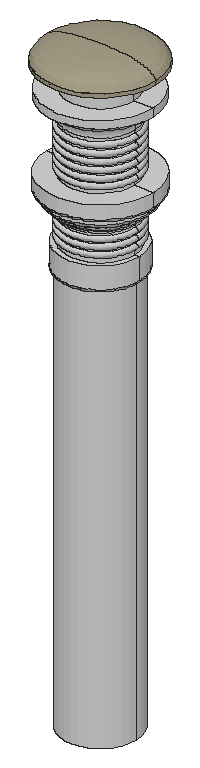
Revit family "935970001-DESAGUE PUSH METAL SR SAHARA", category Plumbing Fixtures, host Face, Revit 2021
Family settings
  Host = Face
  Round Connector Dimension = Use Diameter
  Part Type = Normal
  Cut with Voids When Loaded = No
  Shared = No
  Room Calculation Point = No
Parameters
  Default Elevation = 1219.2 mm
Reference planes
  plane 1 "Center (Front/Back)": y = 0
  plane 2: z = 0
  plane 3 "Center (Left/Right)": x = 0
Forms (mm)
  Revolve 1, solid, material "Cromo-Corona", detail levels medium+fine
    sketch origin (0, 0, 0) x (1, 0, 0) y (0, 0, 1)
      loop
        spline (0, 9.91) -> (-4.634, 9.859) -> (-8.905, 9.698) -> (-12.812, 9.426) -> (-16.355, 9.045) -> (-19.535, 8.553) -> (-22.352, 7.951) -> (-24.805, 7.239) -> (-26.894, 6.417) -> (-28.62, 5.485) -> (-29.983, 4.442) -> (-30.982, 3.29) -> (-31.617, 2.027)
        line (-31.617, 2.027) -> (-31.617, 0) -> (-16.035, 0) -> (-16.035, -2.717) -> (-18.91, -2.717) -> (-18.91, -12.603) -> (-30.043, -12.603) -> (-30.043, -16.974) -> (-22.334, -22.173)
        arc (-22.334, -22.173) -> (-20.348, -24.378) -> (-19.63, -27.258) r 6.134
        line (-19.63, -27.258) -> (-19.63, -28.885)
        arc (-19.63, -28.885) -> (-21.13, -30.385) -> (-19.63, -31.885) r 1.5
        line (-19.63, -31.885) -> (-19.63, -33.359)
        arc (-19.63, -33.359) -> (-21.13, -34.859) -> (-19.63, -36.359) r 1.5
        line (-19.63, -36.359) -> (-19.63, -37.548)
        arc (-19.63, -37.548) -> (-21.13, -39.048) -> (-19.63, -40.548) r 1.5
        line (-19.63, -40.548) -> (-19.63, -41.801)
        arc (-19.63, -41.801) -> (-21.13, -43.301) -> (-19.63, -44.801) r 1.5
        line (-19.63, -44.801) -> (-19.63, -46.044)
        arc (-19.63, -46.044) -> (-21.13, -47.544) -> (-19.63, -49.044) r 1.5
        line (-19.63, -49.044) -> (-19.63, -50.015)
        arc (-19.63, -50.015) -> (-21.13, -51.515) -> (-19.63, -53.015) r 1.5
        line (-19.63, -53.015) -> (-19.63, -55.214) -> (-30.31, -55.214) -> (-30.31, -62.796)
        arc (-30.31, -62.796) -> (-29.978, -63.598) -> (-29.176, -63.93) r 1.134
        line (-29.176, -63.93) -> (-28.327, -63.93)
        arc (-28.327, -63.93) -> (-27.661, -64.205) -> (-27.386, -64.871) r 0.941
        line (-27.386, -64.871) -> (-27.386, -67.083)
        arc (-27.386, -67.083) -> (-26.995, -68.027) -> (-26.051, -68.418) r 1.335
        line (-26.051, -68.418) -> (-25.075, -68.418)
        arc (-25.075, -68.418) -> (-24.443, -68.68) -> (-24.182, -69.311) r 0.893
        line (-24.182, -69.311) -> (-24.182, -70.168)
        arc (-24.182, -70.168) -> (-23.983, -71.035) -> (-23.425, -71.729) r 1.989
        line (-23.425, -71.729) -> (-20.244, -74.241)
        arc (-20.244, -74.241) -> (-19.792, -74.804) -> (-19.63, -75.508) r 1.614
        line (-19.63, -75.508) -> (-19.63, -76.678)
        arc (-19.63, -76.678) -> (-21.13, -78.178) -> (-19.63, -79.678) r 1.5
        line (-19.63, -79.678) -> (-19.63, -80.671)
        arc (-19.63, -80.671) -> (-21.13, -82.171) -> (-19.63, -83.671) r 1.5
        line (-19.63, -83.671) -> (-19.63, -84.741)
        arc (-19.63, -84.741) -> (-21.13, -86.241) -> (-19.63, -87.741) r 1.5
        line (-19.63, -87.741) -> (-19.63, -90.416) -> (-22.611, -90.416) -> (-22.611, -102.725)
        arc (-22.611, -102.725) -> (-22.318, -103.432) -> (-21.611, -103.725) r 1
        line (-21.611, -103.725) -> (-20.5, -103.725) -> (-20.5, -336.59) -> (0, -336.59) -> (0, 9.91)
      axis (0, 9.91) -> (0, -336.59)
    angle from 0 to 360
  Extrusion 2, solid, detail levels coarse
    sketch origin (0, 0, 0) x (1, 0, 0) y (0, 1, 0)
      loop
        circle (0, 0) r 31.617
    from 9.906 to -336.59
Dimensions and locks
  aligned and locked: plane 2 to host face
  aligned and locked: level to host face
Connectors
  piping at (0, 0, -336.59), diameter 38.1
    settings: on Revolve 1, index 1, connector inside diameter 609.6 mm, connector length 0 mm, flow factor 0, pipe flow 0.0 L/s, pressure drop 0.0 Pa, fitting loss kfactor 0, connector angle 0.00°, fixture units 0, engagement length 0 mm, angle of deflection 0.00°, flow configuration 0, flow direction 1, fitting loss method 0, system type 16, joint type 0, gender type 0, connector reference index -1, connector utility 0, adjustable connector no, is connector primary yes, connector description ""
